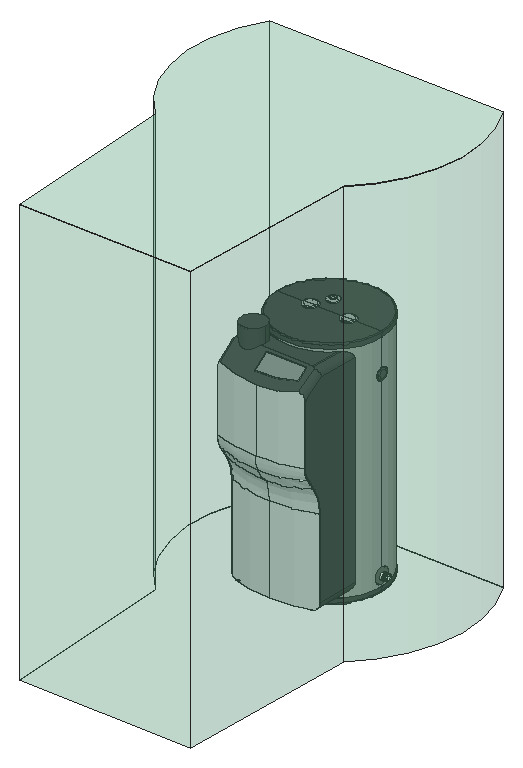
Revit family "Innovo  BENL_IR 20 200 BENL NAT", category Mechanical Equipment, Revit 2015
Parameters (values of type "IR-20-200 BENL NAT")
  Werkruimte Radius = Diameter + 170 mm  # 730 mm
  Werkruimte Hoogte = Hoogte + 1000 mm  # 2270 mm
  Werkruimte Afstand Voor = 1000 mm
  Werkruimte [instance] = yes
  Voorzorgsmaatregelen tijdens montage, installatie of onderhoud = "zie Gebruikers, Installatie, Service en Onderhouds handleiding"  # constant formula
  Voltage = 230 V  # constant formula
  Verpakkingslengte = 946 mm  # constant formula
  Verpakkingshoogte = 1465 mm
  Verpakkingsbreedte = 786 mm  # constant formula
  Uitsluitend werkend in daluren = no
  Uitschakeldruk LDS < = "115"
  Type aanduiding = "IR-20-160"
  Transportgewicht = 114 kg
  Totaal Gewicht = 274 kg
  Stilstandsverlies - dagelijks (24u) = 0 W
  Stilstandsverlies = 0 W
  Standaard Afgesteld op = "G20/G25"
  Stand Regelthermostaat = 65 °C  # constant formula
  Soort Verpakking = "Karton en Hout"  # constant formula
  Slimme controlefunctie = no
  Setpoint thermostaat = 65 °C  # constant formula
  Seizoens Rendement (Hs) = [Rendement (Hs, vlgs. NEN-EN 89 - 1999)]  # 95
  Rendement (Hs, vlgs. NEN-EN 89 - 1999) = 95
  Rendement (Hi, vlgs. NEN-EN 89 - 1999) = 106
  Produktspecificaties Link = ""
  Produkthandleiding Link = ""
  Produkt Model Nummer (EAN-nummer) = "8717449286019"
  Onderhoudsinterval = "12 maanden"  # constant formula
  Nominale Belasting (Onderwaarde) = "18000.0/14900.0"
  Nominale Belasting (Bovenwaarde) = "20000.0/16600.0"
  Nominaal Vermogen = "19100.0/15800.0"
  NOx-uitstoot mg/kWh = "30.0/29.0"
  NOx-uitstoot (lucht vrij, 0% O2) ppm = "19.0/18.0"
  Min. Stand Regelthermostaat = 40 °C  # constant formula
  Max. Werkdruk = 800000.0 Pa
  Max. Stand Regelthermostaat = 85 °C  # constant formula
  Max. Rookgastemperatuur = 61 °C
  Ledig Gewicht = 95 kg
  Kraan Hoogte 02 = if(and(Hoogte = 1745 mm, Diameter = 675 mm), 1518 mm, if(and(Hoogte = 1745 mm, Diameter = 610 mm), 1534 mm, if(Hoogte = 1545 mm, 1328 mm, 1070 mm)))  # 1070 mm
  Kraan Hoogte 01 = if(and(Diameter > 560 mm), 693 mm, 604 mm)  # 604 mm
  URL = "www.aosmith.be"
  Tapcapaciteit bij ΔT = 70°C  na 90 min. = 410.0 L
  Tapcapaciteit bij ΔT = 70°C  na 60 min. = 290.0 L
  Tapcapaciteit bij ΔT = 70°C  na 30 min. = 170.0 L
  Tapcapaciteit bij ΔT = 70°C  na 120 min. = 520.0 L
  Tapcapaciteit bij ΔT = 55°C  na 90 min. = 540.0 L
  Tapcapaciteit bij ΔT = 55°C  na 60 min. = 390.0 L
  Tapcapaciteit bij ΔT = 55°C  na 30 min. = 240.0 L
  Tapcapaciteit bij ΔT = 55°C  na 120 min. = 700.0 L
  Tapcapaciteit bij ΔT = 50°C  na 90 min. = 600.0 L
  Tapcapaciteit bij ΔT = 50°C  na 60 min. = 440.0 L
  Tapcapaciteit bij ΔT = 50°C  na 30 min. = 270.0 L
  Tapcapaciteit bij ΔT = 50°C na 120 min. = 770.0 L
  Tapcapaciteit bij ΔT = 44°C na 120 min. = 690.0 L
  Tapcapaciteit bij ΔT = 44°C  na 90 min. = 510.0 L
  Tapcapaciteit bij ΔT = 44°C  na 60 min. = 320.0 L
  Tapcapaciteit bij ΔT = 44°C  na 30 min. = 880.0 L
  Tapcapaciteit bij ΔT = 28°C na 90 min. = 1200.0 L
  Tapcapaciteit bij ΔT = 28°C na 60 min. = 820.0 L
  Tapcapaciteit bij ΔT = 28°C na 30 min. = 530.0 L
  Tapcapaciteit bij ΔT = 28°C na 120 min. = 1500.0 L
  Tapcapaciteit Continu bij ΔT = 70°C = 240.0 L/s
  Tapcapaciteit Continu bij ΔT = 55°C = 300.0 L/s
  Tapcapaciteit Continu bij ΔT = 50°C = 330.0 L/s
  Tapcapaciteit Continu bij ΔT = 44°C = 380.0 L/s
  Tapcapaciteit Continu bij ΔT = 28°C = 590.0 L/s
  Opwarmtijd bij ΔT = 70°C = "27"
  Opwarmtijd bij ΔT = 55°C = "21"
  Opwarmtijd bij ΔT = 50°C = "19"
  Opwarmtijd bij ΔT = 44°C = "17"
  Opwarmtijd bij ΔT = 28°C = "11"
  Model = "IR-20-160 BENL NAT"
  Manufacturer = "A.O. Smith Water Products Company b.v."  # constant formula
  Length = 780 mm  # constant formula
  Jaarlijks elektriciteitsverbruik (2) = "-"
  Jaarlijks elektriciteitsverbruik (1) = "37 kWh"
  Jaarlijks brandstofverbruik (2) = "-"
  Jaarlijks brandstofverbruik (1) = "16 GJ GCV"
  Isolatiedikte = 50 mm
  Installatie Typen = "B23/C13/C33/C43/C53/C63"  # constant formula
  Inhoud = 160.0 L
  Hoogte Warm Water Uitlaat = 1270 mm
  Hoogte Rookgasafvoer = 1295 mm
  Hoogte Lucht Inlaat = 1295 mm
  Hoogte Koud Water Inlaat = 170 mm
  Hoogte Gas Aansluiting = 860 mm
  Hoogte = 1270 mm
  Handelsmerk = "A.O. Smith"  # constant formula
  Geluidsniveau dB (A) = "<45"  # constant formula
  Geluidsniveau binnen = "52 dB"
  Gasverbruik - Volume ltr/hr = "1.90/1.80"
  Gasverbruik - Massa kg/h = "n.v.t."
  Gascategorie = "I2E(S)B"  # constant formula
  Gas Voordruk = "2000/2500 Pa"
  Gas Aansluiting = 15"  # constant formula
  Garrantie op Tank = "36 maanden"  # constant formula
  Garrantie op Onderdelen = "12 maanden"  # constant formula
  Frequentie = 50 Hz  # constant formula
  Fase = 1
  Fabrikantnummer = "E 7110"  # constant formula
  Energie-efficiëntieklasse voor waterverwarming (2) = "-"
  Energie-efficiëntieklasse voor waterverwarming (1) = "A"  # constant formula
  Energie-efficiëntie voor waterverwarming (2) = "-"
  Energie-efficiëntie voor waterverwarming (1) = "92%"
  Elektrisch Vermogen (piek) = 85 W
  Elektrisch Vermogen (nominaal) = 36 W
  Diameter Schoorsteen - parallel systeem = "2x80"  # constant formula
  Diameter Schoorsteen - concentrisch systeem = "80/125 mm/mm"  # constant formula
  Diameter Schoorsteen - boiler = "80/125 mm/mm"  # constant formula
  Diameter = 560 mm
  Description = "Condenserende Hoog Rendementsboiler"  # constant formula
  Created By = "http://www.cadcompany.nl/"
  Capaciteitsprofiel = "XL"
  CO2-uitstoot (tol. +/- 1.0) vol% = "9.3/7.5"
  CE-PIN = "0063CQ3037"  # constant formula
  Breedte = Diameter  # 560 mm
  Bestemming / Land = "BelgIë"  # constant formula
  BIM Content Developer = "CAD & Company"  # constant formula
  Assembly Code = "D3010"
  Ander capaciteitsprofiel = "-"
  Aansluiting Warm Water = 3/4"
  Aansluiting T&P = 3/4"
  Aansluiting Koud Water = 3/4"  # constant formula
  Aansluiting Condensafvoer = 40 mm  # constant formula
  Aansluiting Aftapkraan = 3/4"  # constant formula
  2e Onderhoud (algeheel onderhoud) = "12 maanden na installatie"  # constant formula
  1e Onderhoud (check-up) = "3 maanden na installatie"  # constant formula
Reference planes
  plane 1 "Center (Front/Back)": y = 0
  plane 2: z = 0
  plane 3 "Center (Left/Right)": x = 0
  plane 4 "Pipe": through (-383.901, 912.349, 194.799) normal (-0.0879, -0.0879, 0.9923)
  plane 5 "footing": y = 118.925
  plane 6 "footing front": y = -237.85
  plane 7: x = -280
  plane 8: x = 280
  plane 9: z = 1270
Forms (mm)
  Revolve 1, solid, material "RAL 9005", detail levels medium+fine
    sketch origin (0, -237.85, 0) x (-1, 0, 0) y (0, 0, 1)
      loop
        line (0, 28.9) -> (-15, 28.9) -> (-15, 26.4) -> (-8.671, 26.4) -> (-8.671, 18) -> (-5.686, 18) -> (-6.626, 17.06) -> (-6.626, 12.06) -> (-8.671, 12.06) -> (-8.671, 10) -> (-10.031, 10) -> (-23.271, 5.181)
        arc (-23.271, 5.181) -> (-23.763, 4.836) -> (-24.017, 4.293) r 1.159
        line (-24.017, 4.293) -> (-24.017, 1.03)
        arc (-24.017, 1.03) -> (-23.715, 0.302) -> (-22.986, 0) r 1.03
        line (-22.986, 0) -> (0, 0) -> (0, 28.9)
      axis (0, 28.9) -> (0, 0)
    angle from 0 to 360
  Revolve 2, solid, material "RAL 9005", detail levels medium+fine
    sketch origin (0, 118.925, 0) x (-1, 0, 0) y (0, 0, 1)
      loop
        line (-180.984, 28.9) -> (-195.984, 28.9) -> (-195.984, 26.4) -> (-189.655, 26.4) -> (-189.655, 18) -> (-186.67, 18) -> (-187.61, 17.06) -> (-187.61, 12.06) -> (-189.655, 12.06) -> (-189.655, 10) -> (-191.015, 10) -> (-204.256, 5.181)
        arc (-204.256, 5.181) -> (-204.747, 4.836) -> (-205.001, 4.293) r 1.159
        line (-205.001, 4.293) -> (-205.001, 1.03)
        arc (-205.001, 1.03) -> (-204.699, 0.302) -> (-203.971, 0) r 1.03
        line (-203.971, 0) -> (-180.984, 0) -> (-180.984, 28.9)
      axis (-180.984, 28.9) -> (-180.984, 0)
    angle from 0 to 360
  Revolve 3, solid, material "RAL 9005", detail levels medium+fine
    sketch origin (0, 118.925, 0) x (-1, 0, 0) y (0, 0, 1)
      loop
        line (179.016, 28.9) -> (164.016, 28.9) -> (164.016, 26.4) -> (170.345, 26.4) -> (170.345, 18) -> (173.33, 18) -> (172.39, 17.06) -> (172.39, 12.06) -> (170.345, 12.06) -> (170.345, 10) -> (168.985, 10) -> (155.744, 5.181)
        arc (155.744, 5.181) -> (155.253, 4.836) -> (154.999, 4.293) r 1.159
        line (154.999, 4.293) -> (154.999, 1.03)
        arc (154.999, 1.03) -> (155.301, 0.302) -> (156.029, 0) r 1.03
        line (156.029, 0) -> (179.016, 0) -> (179.016, 28.9)
      axis (179.016, 28.9) -> (179.016, 0)
    angle from 0 to 360
Lines and regions (mm)
  symbolic lines
    curve 1: line (0, 280.06, 0) -> (0, -280.06, 0)
    curve 2: line (-255.06, 0, 0) -> (255.06, 0, 0)
  symbolic lines, style "Workspace"
    curve 3: line (623.261, 380.06, 0) -> (-623.261, 380.06, 0)
    curve 4: arc (-623.261, 380.06, 0) -> (-726.942, -66.745, 0) -> (-543.632, -487.2, 0) r 730
    curve 5: line (-543.632, -487.2, 0) -> (-396.783, -1492.825, 0)
    curve 6: line (-396.783, -1492.825, 0) -> (399.03, -1492.825, 0)
    curve 7: line (399.03, -1492.825, 0) -> (545.76, -484.816, 0)
    curve 8: arc (545.76, -484.816, 0) -> (727.087, -65.154, 0) -> (623.261, 380.06, 0) r 730
Dimensions and locks
  plane 5 "footing" to plane 1 "Center (Front/Back)" = 118.925 mm
  plane 1 "Center (Front/Back)" to plane 6 "footing front" = 237.85 mm
  "Diameter": plane 7 to plane 8
  equal spacing: plane 7, plane 3 "Center (Left/Right)", plane 8
  "Hoogte": plane 9 to plane 2
  "Werkruimte Afstand Voor": curve 6 to nested 3
  "Werkruimte Radius": radius of curve 4
  "Werkruimte Radius": radius of curve 8
  aligned and locked: level to plane 2
  aligned and locked: nested 3 to Revolve 1 sketch curve
  aligned and locked: plane 3 "Center (Left/Right)" to Revolve 1 sketch curve
  aligned and locked: nested 3 to plane 1 "Center (Front/Back)"
  aligned and locked: plane 3 "Center (Left/Right)" to nested 3
  aligned and locked: nested 1 to plane 8
  aligned and locked: nested 5 to plane 8
  aligned and locked: nested 2 to plane 7
  aligned and locked: nested 4 to plane 7
  aligned and locked: nested 7 to plane 7
  aligned and locked: nested 8 to plane 3 "Center (Left/Right)"
  aligned and locked: nested 8 to nested 3
  aligned and locked: curve 3 to nested 8
Automatic sketch dimensions
  Revolve 1 sketch curve to level = 0 mm
  plane 3 "Center (Left/Right)" to Revolve 1 sketch curve = 5.686 mm
  Revolve 1 sketch curve to Revolve 1 sketch curve = 0.94 mm  (x2)
  Revolve 1 sketch curve to Revolve 1 sketch curve = 2.046 mm  (x2)
  Revolve 1 sketch curve to Revolve 1 sketch curve = 1.359 mm
  Revolve 1 sketch curve to Revolve 1 sketch curve = 6.329 mm
  level to Revolve 1 sketch curve = 4.091 mm
  Revolve 1 sketch curve to Revolve 1 sketch curve = 12.844 mm
  level to Revolve 1 sketch curve = 1.03 mm
  Revolve 1 sketch curve to Revolve 1 sketch curve = 0.111 mm
  level to Revolve 1 sketch curve = 5.181 mm
  Revolve 1 sketch curve to Revolve 1 sketch curve = 0.745 mm
  level to Revolve 1 sketch curve = 10 mm
  Revolve 1 sketch curve to Revolve 1 sketch curve = 2.06 mm
  Revolve 1 sketch curve to Revolve 1 sketch curve = 5 mm
  Revolve 1 sketch curve to Revolve 1 sketch curve = 8.4 mm
  Revolve 1 sketch curve to Revolve 1 sketch curve = 2.5 mm
  Revolve 1 sketch curve to level = 19.635 mm
  Revolve 1 sketch curve to Revolve 1 sketch curve = 46.465 mm
  Revolve 2 sketch curve to level = 0 mm
  level to Revolve 2 sketch curve = 1.03 mm
  Revolve 2 sketch curve to plane 8 = 74.999 mm
  level to Revolve 2 sketch curve = 5.181 mm
  Revolve 2 sketch curve to Revolve 2 sketch curve = 0.745 mm
  Revolve 2 sketch curve to Revolve 2 sketch curve = 0.397 mm
  Revolve 2 sketch curve to Revolve 2 sketch curve = 8.271 mm
  Revolve 2 sketch curve to Revolve 2 sketch curve = 13.241 mm
  Revolve 2 sketch curve to Revolve 2 sketch curve = 1.359 mm
  Revolve 2 sketch curve to Revolve 2 sketch curve = 6.329 mm
  Revolve 2 sketch curve to Revolve 2 sketch curve = 2.046 mm
  level to Revolve 2 sketch curve = 18 mm
  Revolve 2 sketch curve to Revolve 2 sketch curve = 0.94 mm  (x2)
  Revolve 2 sketch curve to Revolve 2 sketch curve = 8.671 mm
  Revolve 2 sketch curve to Revolve 2 sketch curve = 1.089 mm
  Revolve 2 sketch curve to Revolve 2 sketch curve = 8 mm
  Revolve 2 sketch curve to Revolve 2 sketch curve = 2.06 mm
  Revolve 2 sketch curve to Revolve 2 sketch curve = 8.4 mm
  Revolve 2 sketch curve to Revolve 2 sketch curve = 2.5 mm
  Revolve 2 sketch curve to Revolve 2 sketch curve = 0 mm
  Revolve 2 sketch curve to level = 19.635 mm
  Revolve 2 sketch curve to Revolve 2 sketch curve = 46.465 mm
  Revolve 3 sketch curve to level = 0 mm
  level to Revolve 3 sketch curve = 1.03 mm
  Revolve 3 sketch curve to plane 7 = 125.001 mm
  level to Revolve 3 sketch curve = 5.181 mm
  Revolve 3 sketch curve to Revolve 3 sketch curve = 0.745 mm
  Revolve 3 sketch curve to Revolve 3 sketch curve = 0.397 mm
  Revolve 3 sketch curve to Revolve 3 sketch curve = 8.271 mm
  Revolve 3 sketch curve to Revolve 3 sketch curve = 13.241 mm
  Revolve 3 sketch curve to Revolve 3 sketch curve = 1.359 mm
  Revolve 3 sketch curve to Revolve 3 sketch curve = 6.329 mm
  Revolve 3 sketch curve to Revolve 3 sketch curve = 2.046 mm
  level to Revolve 3 sketch curve = 18 mm
  Revolve 3 sketch curve to Revolve 3 sketch curve = 0.94 mm  (x2)
  Revolve 3 sketch curve to Revolve 3 sketch curve = 8.671 mm
  Revolve 3 sketch curve to Revolve 3 sketch curve = 1.089 mm
  Revolve 3 sketch curve to Revolve 3 sketch curve = 8 mm
  Revolve 3 sketch curve to Revolve 3 sketch curve = 2.06 mm
  Revolve 3 sketch curve to Revolve 3 sketch curve = 8.4 mm
  Revolve 3 sketch curve to Revolve 3 sketch curve = 2.5 mm
  Revolve 3 sketch curve to Revolve 3 sketch curve = 0 mm
  Revolve 3 sketch curve to level = 19.635 mm
  Revolve 3 sketch curve to Revolve 3 sketch curve = 46.465 mm
  curve 4 to curve 8 = 0 mm  (x2)
  plane 1 "Center (Front/Back)" to curve 2 = 0 mm
  curve 1 to plane 3 "Center (Left/Right)" = 0 mm
  plane 1 "Center (Front/Back)" to curve 4 = 0 mm
  curve 4 to plane 3 "Center (Left/Right)" = 0 mm
  curve 5 to plane 6 "footing front" = 249.35 mm
  plane 7 to curve 5 = 116.783 mm
  plane 8 to curve 7 = 119.03 mm
  curve 7 to plane 6 "footing front" = 246.966 mm
  curve 2 to plane 7 = 24.94 mm
  curve 2 to plane 8 = 24.94 mm
  curve 1 to plane 6 "footing front" = 42.21 mm
  plane 5 "footing" to curve 1 = 161.135 mm
Nested families
  nested 1: "Valve" at (280, -0.38, 1070) x (0, 1, 0) z (0, 0, 1), built-in parameter 1001364 <- "Kraan Hoogte 02", type "Valve"
  nested 2: "Drain Valve" at (-280, 0, 1070), built-in parameter 1001364 <- "Kraan Hoogte 02", type "Drain Valve"
  nested 3: "Housing Mother Housing S 57 (external)" at (0, -274.886, 0), type "Housing Mother_Housing S_57"
  nested 4: "Drain Valve" at (-280, 0, 177), type "Drain Valve"
  nested 5: "Drain Valve" at (280, 0, 107) x (-1, 0, 0) z (0, 0, 1), type "Drain Valve"
  nested 6: "Boiler" at (0, 0, 0), height <- "Hoogte", type "Boiler"
    with height 1270 mm
  nested 7: "Drain Valve" at (-280, 0, 604), built-in parameter 1001364 <- "Kraan Hoogte 01", type "Drain Valve"
  nested 8: "Innovo_workspace" at (0, 0, 0), Workspace <- "Werkruimte", Workspace Distance Front <- "Werkruimte Afstand Voor", Workspace Height <- "Werkruimte Hoogte", Workspace Radius <- "Werkruimte Radius", type "Workspace"
    with Workspace Radius 730 mm, Workspace Height 2270 mm, Workspace Distance Front 1000 mm, Workspace yes, Center to Front 492.825 mm
Connectors
  piping at (314.826, 0, 107), diameter 19.05, driven by "Aansluiting Aftapkraan"
    settings: on nested 5, index 1, connector inside diameter 24", connector length 0 mm, flow factor 0, pipe flow 0.0 L/s, pressure drop 0.0 Pa, fitting loss kfactor 0, connector angle 0.00°, fixture units 0, engagement length 0 mm, angle of deflection 0.00°, flow configuration 0, flow direction 0, fitting loss method 0, system type 19, joint type 0, gender type 0, connector reference index -1, connector utility 0, adjustable connector no, is connector primary yes, connector description ""
  hvac at (-147.013, -321.326, 1310.674)
    settings: on nested 3, index 2, duct flow 0.0 L/s, flow factor 0, pres drop 0.0 Pa, loss coef 0, conn angle 0.00°, conn width 304.8 mm, conn height 304.8 mm, conn diameter 125 mm, duct sys type 4, conn prof type 0, flow config 0, flow direction 0, loss method 0, conn ref index -1, conn util no, is conn primary yes, conn desc ""
Definition of nested family "Valve"
  Parameters (values of type "Valve")
    Type Comments = "T&P valve (internal)"
    Manufacturer = "A.O. Smith"
  Reference planes
    plane 1 "Center (Front/Back)": y = 0
    plane 2: z = 0
    plane 3 "Center (Left/Right)": x = 0
  Forms (mm)
    Extrusion 1, solid, detail levels fine
      sketch origin (0, 0, 0) x (1, 0, 0) y (0, 0, 1)
        loop
          circle (0, 0) r 31.5
      from -2.271 to 1.4
    Sweep 2, solid, detail levels fine
      path origin (0, -1.4, 0) x (1, 0, 0) y (0, 0, 1)
        loop
          circle (0, 0) r 31.5
      profile origin (0, -1.4, 31.5) x (0, 0, -1) y (0, -1, 0)
        loop
          line (7.3, 0) -> (7.3, 3) -> (0, 0) -> (7.3, 0)
  Dimensions and locks
    aligned and locked: level to plane 2
Definition of nested family "Drain Valve"
  Reference planes
    plane 1 "Center (Front/Back)": y = 0
    plane 2: z = 0
    plane 3 "Center (Left/Right)": x = 0
  Forms (mm)
    Revolve 1, solid, detail levels medium+fine
      sketch origin (0, 0, 0) x (1, 0, 0) y (0, 0, 1)
        loop
          line (-33.442, 15.696) -> (-34.826, 14.329) -> (-34.93, 12.731) -> (-16.555, 12.731) -> (-16.555, 0) -> (15.787, 0) -> (15.787, 18.3) -> (-14.4, 18.3) -> (-17.148, 15.533) -> (-18.729, 16.697) -> (-20.091, 15.333) -> (-21.672, 16.496) -> (-23.034, 15.133) -> (-24.614, 16.296) -> (-25.976, 14.932) -> (-27.557, 16.096) -> (-28.919, 14.732) -> (-30.5, 15.896) -> (-31.862, 14.532) -> (-33.442, 15.696)
        axis (-34.93, 0) -> (15.787, 0)
      angle from 0 to 360
  Dimensions and locks
    aligned and locked: level to plane 2
  Nested families
    nested 1: "Rubber sealing" at (2.592, -0.155, 0) x (0.0023, -1, 0) z (0, 0, 1), type "Rubber sealing", detail levels fine
  Definition of nested family "Rubber sealing"
    Reference planes
      plane 1 "Center (Front/Back)": y = 0
      plane 2: z = 0
      plane 3 "Center (Left/Right)": x = 0
    Forms (mm)
      Extrusion 1, solid, detail levels fine
        sketch origin (141.861, 319.581, 0) x (1, 0, 0) y (0, 1, 0)
          loop
            line (-216.354, -311.898) -> (-216.354, -313.94)
            arc (-216.354, -313.94) -> (-141.602, -321.581) -> (-66.861, -313.835) r 366.966
            line (-66.861, -313.835) -> (-66.861, -311.791)
            arc (-66.861, -311.791) -> (-141.602, -319.581) -> (-216.354, -311.898) r 364.966
        from -80 to 80
      Extrusion 2, void
        sketch origin (141.861, 319.581, 0) x (1, 0, 0) y (0, 0, 1)
          loop
            circle (-141.861, 0) r 13
          loop
            circle (-141.861, 0) r 110
          loop
            circle (-141.861, 0) r 40
        from 311.563 to 332.684
      Extrusion 3, void
        sketch origin (141.861, 319.581, 0) x (1, 0, 0) y (0, 0, 1)
          loop
            circle (-141.861, 0) r 18.25
        from 315.524 to 326.084
    Cuts and joins
      Extrusion 2, Extrusion 3 cuts Extrusion 1
    Dimensions and locks
      aligned and locked: level to plane 2
Definition of nested family "Housing Mother Housing S 57 (external)"
  Parameters (values of type "Housing Mother_Housing S_57")
    radius [instance] = 280 mm
    distance to boiler center = if(diameter = 675 mm, 189 mm, if(diameter = 610 mm, 154 mm, 129 mm))  # 129 mm
    diameter = 560 mm
  Reference planes
    plane 1 "Center (Front/Back)": y = 0
    plane 2: z = 0
    plane 3 "Center (Left/Right)": x = 0
    plane 4 "left": through (-245.286, 145.886, 1200) normal (0.9994, 0.0349, 0)
    plane 5: y = -217.939
    plane 6: y = 145.886
    plane 7: z = 1232.6
    plane 8: z = 65.89
    plane 9 "right": through (245.286, 145.886, 1200) normal (0.9994, -0.0349, 0)
    plane 10 "display": through (0, -90.37, 1221.196) normal (0, -0.5736, 0.8192)
    plane 11 "Potentiostat": z = 867.899
    plane 12 "boiler center": y = 274.886
    plane 13: x = -280
    plane 14: x = 280
  Forms (mm)
    Extrusion 1, solid
      sketch origin (0, 0, 0) x (1, 0, 0) y (0, 1, 0)
        loop
          line (-245.286, 145.886) -> (-232.581, -217.939) -> (232.581, -217.939) -> (245.286, 145.886)
          arc (245.286, 145.886) -> (0, 0.923) -> (-245.286, 145.886) r 280
      from 0 to 1232.6
    Sweep 2, void
      path origin (0, 0, 0) x (0, 1, 0) y (0, 0, 1)
        loop
          line (-217.939, 1232.6) -> (-217.939, 795.555)
          arc (-217.939, 795.555) -> (-212.387, 754.285) -> (-197.694, 715.322) r 183.924
          arc (-197.694, 715.322) -> (-179.915, 684.628) -> (-159.106, 655.901) r 348.284
          arc (-159.106, 655.901) -> (-131.411, 600.328) -> (-121.88, 538.973) r 202.254
          line (-121.88, 538.973) -> (-121.88, 61.106)
      profile origin (0, -217.939, 1014.077) x (1, 0, 0) y (0, 1, 0)
        loop
          arc (0, 0) -> (-117.533, 9.941) -> (-231.728, 39.475) r 699.984
          arc (-231.728, 39.475) -> (-233.391, 40.705) -> (-234.07, 42.659) r 3.505
          line (-234.07, 42.659) -> (-254.062, 42.659) -> (-254.062, -142.593) -> (254.07, -142.593) -> (254.07, 42.659) -> (234.07, 42.659)
          arc (234.07, 42.659) -> (233.391, 40.705) -> (231.728, 39.475) r 3.505
          arc (231.728, 39.475) -> (117.533, 9.941) -> (0, 0) r 699.984
    Extrusion 3, void
      sketch origin (0, 0, 0) x (0, 1, 0) y (0, 0, 1)
        loop
          arc (102.864, 70.869) -> (99.804, 70.709) -> (96.874, 69.813) r 12.57
          arc (96.874, 69.813) -> (87.878, 66.533) -> (78.516, 64.529) r 69.114
          arc (78.516, 64.529) -> (76.41, 64.284) -> (74.294, 64.148) r 41.206
          arc (74.294, 64.148) -> (65.203, 64.335) -> (56.122, 64.782) r 318.661
          arc (56.122, 64.782) -> (30.585, 66.179) -> (5.028, 67.128) r 1456.581
          line (5.028, 67.128) -> (-84.534, 73.135)
          arc (-84.534, 73.135) -> (-86.363, 73.808) -> (-87.536, 75.365) r 3.455
          line (-87.536, 75.365) -> (-264.473, 75.365) -> (-264.473, 0) -> (160.886, 0) -> (160.886, 103.945) -> (145.886, 103.945)
          arc (145.886, 103.945) -> (145.104, 97.827) -> (142.923, 92.059) r 26.364
          arc (142.923, 92.059) -> (141.067, 88.936) -> (138.867, 86.045) r 31.715
          arc (138.867, 86.045) -> (135.576, 82.49) -> (132.021, 79.2) r 62.615
          arc (132.021, 79.2) -> (125.841, 74.697) -> (119.091, 71.103) r 54.444
          arc (119.091, 71.103) -> (116.371, 70.272) -> (113.531, 70.123) r 11.669
          line (113.531, 70.123) -> (102.864, 70.869)
      from -254.062 to 254.07
    Sweep 4, void
      path origin (0, 0, 0) x (1, 0, 0) y (0, 1, 0)
        loop
          line (-245.286, 145.886) -> (-232.581, -217.939)
      profile origin (-238.933, -36.027, 0) x (0.999391, 0.034899, 0) y (0, 0, 1)
        loop
          line (-4.454, 0) -> (47.084, 0) -> (47.084, 73.431)
          arc (47.084, 73.431) -> (14.222, 85.134) -> (0.255, 117.1) r 43.922
          line (0.255, 117.1) -> (-4.454, 117.1) -> (-4.454, 0)
    Sweep 5, void
      path origin (0, 0, 0) x (-1, 0, 0) y (0, 1, 0)
        loop
          line (-245.286, 145.886) -> (-232.581, -217.939)
      profile origin (238.933, -36.027, 0) x (0.999391, -0.034899, 0) y (0, 0, 1)
        loop
          line (4.454, 0) -> (4.454, 117.1) -> (-0.255, 117.1)
          arc (-0.255, 117.1) -> (-14.222, 85.134) -> (-47.084, 73.431) r 43.922
          line (-47.084, 73.431) -> (-47.084, 0) -> (4.454, 0)
    Sweep 6, void
      path origin (-239.899, -8.377, 0) x (-0.034899, 0.999391, 0) y (0, 0, 1)
        loop
          line (-209.69, 1141.272) -> (-79.18, 1232.6) -> (154.358, 1232.6)
      profile origin (-241.211, 29.188, 1232.6) x (0, 0, 1) y (0.999391, 0.034899, 0)
        loop
          line (-45, -30) -> (75, -30) -> (75, 0) -> (75, 55) -> (2.799, 55) -> (-1.253, 35.128)
          arc (-1.253, 35.128) -> (-16.771, 9.564) -> (-45, -0.308) r 44.287
          line (-45, -0.308) -> (-45, -30)
    Sweep 7, void
      path origin (239.899, -8.377, 0) x (0.034899, 0.999391, 0) y (0, 0, 1)
        loop
          line (-209.69, 1141.272) -> (-79.18, 1232.6) -> (154.358, 1232.6)
      profile origin (241.211, 29.188, 1232.6) x (0, 0, -1) y (-0.999391, 0.034899, 0)
        loop
          line (-75, -25) -> (45, -25) -> (45, -0.308)
          arc (45, -0.308) -> (16.771, 9.564) -> (1.253, 35.128) r 44.287
          line (1.253, 35.128) -> (-2.799, 55) -> (-75, 55) -> (-75, -25)
    Extrusion 8, void
      sketch origin (0, 0, 0) x (0, 1, 0) y (0, 0, 1)
        loop
          line (-270, 1336.099) -> (-270, 1099.081) -> (68.497, 1336.099) -> (-270, 1336.099)
      from -425.038 to 444.42
    Extrusion 9, solid, detail levels medium+fine
      sketch origin (0, 0, 0) x (1, 0, 0) y (0, 1, 0)
        loop
          circle (-147.013, -46.44) r 65
      from 1163.174 to 1310.674
    Extrusion 10, void
      sketch origin (0, -603.506, 861.895) x (0, 0.819152, 0.573576) y (-1, 0, 0)
        loop
          arc (618.322, -173) -> (623.272, -170.95) -> (625.322, -166) r 7
          line (625.322, -166) -> (625.322, 35)
          arc (625.322, 35) -> (623.272, 39.95) -> (618.322, 42) r 7
          line (618.322, 42) -> (535.473, 42)
          arc (535.473, 42) -> (530.688, 40.11) -> (528.488, 35.46) r 7
          arc (528.488, 35.46) -> (531.569, -67.592) -> (554.18, -168.18) r 540
          arc (554.18, -168.18) -> (556.724, -171.668) -> (560.831, -173) r 7
          line (560.831, -173) -> (618.322, -173)
      from 0 to 137.286
    Sweep 11, solid, detail levels fine
      path origin (0, 0, 867.899) x (-1, 0, 0) y (0, -1, 0)
        loop
          line (309.749, -35.617) -> (204.371, -35.617)
          arc (204.371, -35.617) -> (196.509, -34.687) -> (189.082, -31.947) r 33.677
          line (189.082, -31.947) -> (-9.574, 69.274)
      profile origin (-257.06, 35.617, 867.899) x (0, 1, 0) y (0, 0, 1)
        loop
          circle (0, 0) r 7.316
        loop
          circle (0, 0) r 6.465
    Revolve 12, void
      sketch origin (0, 274.886, 0) x (-1, 0, 0) y (0, 0, 1)
        loop
          line (280, 1243.838) -> (0, 1243.838) -> (0, 54.9) -> (280, 54.9) -> (280, 1243.838)
        axis (0, 1243.838) -> (0, 54.9)
      angle from 0 to 360
  Cuts and joins
    Sweep 2, Extrusion 3, Sweep 4, Sweep 5, Sweep 6, Sweep 7, Extrusion 8, Extrusion 10, Revolve 12 cuts Extrusion 1
  Dimensions and locks
    plane 8 to plane 2 = 65.89 mm
    plane 7 to plane 8 = 1166.71 mm
    "distance to boiler center": plane 12 "boiler center" to plane 6
    "diameter": plane 14 to plane 13
    equal spacing: plane 14, plane 3 "Center (Left/Right)", plane 13
    "radius": plane 3 "Center (Left/Right)" to plane 13
    aligned and locked: level to plane 2
    aligned and locked: Extrusion 1 to plane 7
    aligned and locked: Extrusion 1 sketch curve to plane 5
    aligned and locked: Sweep 2 to Extrusion 3
    aligned and locked: Extrusion 3 to Sweep 2  (x2)
    aligned and locked: plane 7 to Sweep 2 sketch curve
    aligned and locked: plane 3 "Center (Left/Right)" to Revolve 12 sketch curve
    aligned and locked: Revolve 12 sketch curve to plane 3 "Center (Left/Right)"
    aligned and locked: plane 13 to Revolve 12 sketch curve
  Automatic sketch dimensions
    Extrusion 1 sketch curve to plane 4 "left" = 0 mm  (x2)
    Extrusion 1 sketch curve to plane 6 = 0 mm  (x2)
    Extrusion 1 sketch curve to plane 3 "Center (Left/Right)" = 0 mm
    Extrusion 1 sketch curve to plane 9 "right" = 0 mm
    plane 6 to Extrusion 1 sketch curve = 135.037 mm
    Sweep 2 sketch curve to plane 5 = 0 mm
    plane 5 to Sweep 2 sketch curve = 106.195 mm
    Sweep 2 sketch curve to plane 5 = 96.059 mm
    plane 1 "Center (Front/Back)" to Sweep 2 sketch curve = 34.053 mm
    plane 11 "Potentiostat" to Sweep 2 sketch curve = 6.417 mm
    Sweep 2 sketch curve to plane 6 = 33.705 mm
    Sweep 2 sketch curve to plane 11 "Potentiostat" = 68.615 mm
    Sweep 2 sketch curve to plane 11 "Potentiostat" = 72.345 mm
    Sweep 2 sketch curve to Sweep 2 sketch curve = 176.349 mm
    Sweep 2 sketch curve to Sweep 2 sketch curve = 0 mm  (x2)
    plane 8 to Sweep 2 sketch curve = 4.784 mm
    Extrusion 3 sketch curve to level = 0 mm
    Extrusion 3 sketch curve to plane 6 = 0 mm
    Extrusion 3 sketch curve to plane 6 = 26.363 mm
    Extrusion 3 sketch curve to Extrusion 3 sketch curve = 4.75 mm
    Extrusion 3 sketch curve to Extrusion 3 sketch curve = 5.179 mm
    Extrusion 3 sketch curve to plane 8 = 4.232 mm
    Extrusion 3 sketch curve to Extrusion 3 sketch curve = 0.814 mm
    Extrusion 3 sketch curve to plane 8 = 4.978 mm
    Extrusion 3 sketch curve to Extrusion 3 sketch curve = 10.667 mm
    Extrusion 3 sketch curve to Extrusion 3 sketch curve = 0.877 mm
    Extrusion 3 sketch curve to Extrusion 3 sketch curve = 17.827 mm
    Extrusion 3 sketch curve to Extrusion 3 sketch curve = 5.646 mm
    Extrusion 3 sketch curve to plane 6 = 69.562 mm
    Extrusion 3 sketch curve to Extrusion 3 sketch curve = 18.6 mm
    Extrusion 3 sketch curve to Extrusion 3 sketch curve = 22.538 mm
    Extrusion 3 sketch curve to plane 8 = 1.238 mm
    Extrusion 3 sketch curve to plane 1 "Center (Front/Back)" = 5.028 mm
    plane 1 "Center (Front/Back)" to Extrusion 3 sketch curve = 36.224 mm
    Extrusion 3 sketch curve to plane 8 = 10.692 mm
    plane 1 "Center (Front/Back)" to Extrusion 3 sketch curve = 84.302 mm
    Extrusion 3 sketch curve to plane 8 = 7.244 mm
    Extrusion 3 sketch curve to Extrusion 3 sketch curve = 0.231 mm
    Extrusion 3 sketch curve to Extrusion 3 sketch curve = 3.234 mm
    plane 5 to Extrusion 3 sketch curve = 46.534 mm
    plane 6 to Extrusion 3 sketch curve = 15 mm
    Extrusion 3 sketch curve to level = 1388.869 mm
    plane 8 to Extrusion 3 sketch curve = 7.561 mm
    Extrusion 3 sketch curve to Extrusion 3 sketch curve = 11.64 mm
    Extrusion 3 sketch curve to plane 8 = 38.054 mm
    Extrusion 3 sketch curve to Extrusion 3 sketch curve = 22.442 mm
    Extrusion 3 sketch curve to plane 8 = 39.432 mm
    Extrusion 3 sketch curve to Extrusion 3 sketch curve = 2.466 mm
    Extrusion 3 sketch curve to Extrusion 3 sketch curve = 14.17 mm
    Extrusion 3 sketch curve to Extrusion 3 sketch curve = 5.925 mm
    Extrusion 3 sketch curve to Extrusion 3 sketch curve = 6.186 mm
    Extrusion 3 sketch curve to Extrusion 3 sketch curve = 249.85 mm
    Extrusion 3 sketch curve to Extrusion 3 sketch curve = 0 mm  (x4)
    Extrusion 3 sketch curve to Extrusion 3 sketch curve = 6.845 mm
    plane 8 to Extrusion 3 sketch curve = 1.743 mm
    Sweep 4 sketch curve to plane 4 "left" = 0 mm  (x2)
    Sweep 4 sketch curve to plane 6 = 0 mm
    plane 5 to Sweep 4 sketch curve = 0 mm
    Sweep 4 sketch curve to level = 0 mm
    profile plane to Sweep 4 sketch curve = 4.454 mm
    Sweep 4 sketch curve to profile plane = 0.255 mm
    Sweep 4 sketch curve to Sweep 4 sketch curve = 43.922 mm
    Sweep 4 sketch curve to profile plane = 47.084 mm
    level to Sweep 4 sketch curve = 73.431 mm
    Sweep 4 sketch curve to Sweep 4 sketch curve = 43.669 mm
    Sweep 5 sketch curve to plane 6 = 0 mm
    Sweep 5 sketch curve to plane 9 "right" = 0 mm  (x2)
    plane 5 to Sweep 5 sketch curve = 0 mm
    Sweep 5 sketch curve to level = 0 mm
    profile plane to Sweep 5 sketch curve = 47.084 mm
    Sweep 5 sketch curve to Sweep 5 sketch curve = 2.907 mm
    profile plane to Sweep 5 sketch curve = 0.255 mm
    Sweep 5 sketch curve to profile plane = 4.454 mm
    level to Sweep 5 sketch curve = 73.431 mm
    Sweep 5 sketch curve to Sweep 5 sketch curve = 43.669 mm
    Sweep 6 sketch curve to plane 7 = 0 mm
    plane 7 to Sweep 6 sketch curve = 91.328 mm
    Sweep 6 sketch curve to Sweep 6 sketch curve = 130.509 mm
    Sweep 6 sketch curve to Sweep 6 sketch curve = 233.538 mm
    Sweep 6 sketch curve to plane 4 "left" = 0 mm
    profile plane to Sweep 6 sketch curve = 45 mm
    Sweep 6 sketch curve to Sweep 6 sketch curve = 0.354 mm
    profile plane to Sweep 6 sketch curve = 1.253 mm
    Sweep 6 sketch curve to profile plane = 2.799 mm
    Sweep 6 sketch curve to Sweep 6 sketch curve = 72.201 mm
    Sweep 6 sketch curve to plane 4 "left" = 0.308 mm
    Sweep 6 sketch curve to Sweep 6 sketch curve = 29.692 mm
    plane 4 "left" to Sweep 6 sketch curve = 35.128 mm
    plane 4 "left" to Sweep 6 sketch curve = 55 mm
    Sweep 7 sketch curve to plane 7 = 0 mm
    Sweep 7 sketch curve to plane 7 = 91.328 mm
    Sweep 7 sketch curve to Sweep 7 sketch curve = 130.509 mm
    Sweep 7 sketch curve to Sweep 7 sketch curve = 233.538 mm
    Sweep 7 sketch curve to plane 9 "right" = 25 mm
    profile plane to Sweep 7 sketch curve = 75 mm
    profile plane to Sweep 7 sketch curve = 2.799 mm
    Sweep 7 sketch curve to profile plane = 1.253 mm
    Sweep 7 sketch curve to Sweep 7 sketch curve = 43.393 mm
    Sweep 7 sketch curve to profile plane = 45 mm
    Sweep 7 sketch curve to plane 9 "right" = 0.308 mm
    plane 9 "right" to Sweep 7 sketch curve = 35.128 mm
    Sweep 7 sketch curve to Sweep 7 sketch curve = 19.872 mm
    plane 5 to Extrusion 8 sketch curve = 52.061 mm
    Extrusion 8 sketch curve to plane 1 "Center (Front/Back)" = 68.497 mm
    plane 7 to Extrusion 8 sketch curve = 133.519 mm
    Extrusion 8 sketch curve to plane 7 = 103.499 mm
    plane 1 "Center (Front/Back)" to Extrusion 9 sketch curve = 46.44 mm
    Extrusion 9 sketch curve to plane 3 "Center (Left/Right)" = 147.013 mm
    Extrusion 10 sketch curve to plane 3 "Center (Left/Right)" = 0 mm
    Extrusion 10 sketch curve to plane 3 "Center (Left/Right)" = 35 mm
    Extrusion 10 sketch curve to Extrusion 10 sketch curve = 25.359 mm
    Extrusion 10 sketch curve to Extrusion 10 sketch curve = 57.491 mm
    Extrusion 10 sketch curve to plane 3 "Center (Left/Right)" = 42 mm
    Extrusion 10 sketch curve to Extrusion 10 sketch curve = 82.85 mm
    Extrusion 10 sketch curve to Extrusion 10 sketch curve = 7 mm
    Extrusion 10 sketch curve to Extrusion 10 sketch curve = 442 mm
    plane 3 "Center (Left/Right)" to Extrusion 10 sketch curve = 166 mm
    Extrusion 10 sketch curve to Extrusion 10 sketch curve = 0 mm  (x2)
    Sweep 11 sketch curve to plane 1 "Center (Front/Back)" = 31.947 mm
    Sweep 11 sketch curve to plane 3 "Center (Left/Right)" = 189.082 mm
    Sweep 11 sketch curve to plane 1 "Center (Front/Back)" = 1.94 mm
    Sweep 11 sketch curve to Sweep 11 sketch curve = 15.289 mm
    plane 3 "Center (Left/Right)" to Sweep 11 sketch curve = 9.574 mm
    Sweep 11 sketch curve to Sweep 11 sketch curve = 105.378 mm
    plane 1 "Center (Front/Back)" to Sweep 11 sketch curve = 69.274 mm
    Sweep 11 sketch curve to Sweep 11 sketch curve = 0 mm  (x2)
    Sweep 11 sketch curve to plane 11 "Potentiostat" = 0 mm
    Sweep 11 sketch curve to profile plane = 0 mm
    plane 8 to Revolve 12 sketch curve = 10.99 mm
    Revolve 12 sketch curve to plane 7 = 11.238 mm
    Revolve 12 sketch curve to level = 366.045 mm
    Revolve 12 sketch curve to Revolve 12 sketch curve = 971.917 mm
    Sweep 2 sketch curve to plane 3 "Center (Left/Right)" = 0 mm
    profile plane to Sweep 2 sketch curve = 0 mm
    Sweep 2 sketch curve to plane 3 "Center (Left/Right)" = 0.016 mm
    Sweep 2 sketch curve to profile plane = 42.782 mm  (x2)
    Sweep 2 sketch curve to plane 3 "Center (Left/Right)" = 230.568 mm
    plane 3 "Center (Left/Right)" to Sweep 2 sketch curve = 0.016 mm
    plane 3 "Center (Left/Right)" to Sweep 2 sketch curve = 230.568 mm
    Sweep 2 sketch curve to Sweep 2 sketch curve = 3.502 mm  (x2)
    Sweep 2 sketch curve to Sweep 2 sketch curve = 20 mm
    profile plane to Sweep 2 sketch curve = 142.593 mm
    Sweep 2 sketch curve to Sweep 2 sketch curve = 0.122 mm  (x2)
    Sweep 2 sketch curve to Sweep 2 sketch curve = 657.203 mm
    Sweep 2 sketch curve to Sweep 2 sketch curve = 19.991 mm
    radius of Extrusion 9 sketch curve = 65 mm
    radius of Sweep 11 sketch curve = 7.316 mm
    radius of Sweep 11 sketch curve = 6.465 mm
  Nested families
    nested 1: "display" at (65.5, -130.939, 1192.79) x (-1, 0, 0) z (0, -0.5736, 0.8192), type "display"
  Definition of nested family "display"
    Parameters (values of type "display")
      Default Elevation = 1219.2 mm
    Reference planes
      plane 1 "Center (Front/Back)": y = 0
      plane 2: z = 0
      plane 3 "Center (Left/Right)": x = 0
    Forms (mm)
      Extrusion 1, solid, detail levels medium+fine
        sketch origin (-16.958, 11.842, -343.878) x (1, 0, 0) y (0, 0, -1)
          loop
            line (-233.523, -343.878) -> (-233.523, -346.592) -> (332.686, -346.592) -> (332.686, -343.878) -> (-233.523, -343.878)
        from -228.7 to 150.822
      Extrusion 2, void
        sketch origin (-16.958, 6.842, -343.878) x (1, 0, 0) y (0, 1, 0)
          loop
            line (-233.523, 155.822) -> (-233.523, -223.7) -> (332.686, -223.7) -> (332.686, 155.822) -> (-233.523, 155.822)
          loop
            arc (-90.542, -48.267) -> (-88.492, -53.216) -> (-83.542, -55.267) r 7
            line (-83.542, -55.267) -> (117.458, -55.267)
            arc (117.458, -55.267) -> (122.408, -53.216) -> (124.458, -48.267) r 7
            line (124.458, -48.267) -> (124.458, 34.583)
            arc (124.458, 34.583) -> (122.568, 39.368) -> (117.918, 41.568) r 7
            arc (117.918, 41.568) -> (14.866, 38.487) -> (-85.722, 15.876) r 540
            arc (-85.722, 15.876) -> (-89.21, 13.332) -> (-90.542, 9.224) r 7
            line (-90.542, 9.224) -> (-90.542, -48.267)
        from 328.878 to 363.083
    Cuts and joins
      Extrusion 2 cuts Extrusion 1
    Dimensions and locks
      aligned and locked: level to plane 2
Definition of nested family "Boiler"
  Parameters (values of type "Boiler")
    radius [instance] = 280 mm
    height [instance] = 1270 mm
    Diameter = 560 mm
  Reference planes
    plane 1 "Center (Front/Back)": y = 0
    plane 2: z = 0
    plane 3 "Center (Left/Right)": x = 0
    plane 4: z = 1243.838
    plane 5: z = 1270
    plane 6 "bottom": z = 28.9
    plane 7: z = 54.9
    plane 8 "top controle": y = 88
    plane 9: x = -280
    plane 10: x = 280
  Forms (mm)
    Revolve 1, solid
      sketch origin (0, 0, 0) x (1, 0, 0) y (0, 0, 1)
        loop
          line (0, 54.9) -> (-280, 54.9) -> (-280, 32.9)
          arc (-280, 32.9) -> (-278.828, 30.072) -> (-276, 28.9) r 4
          line (-276, 28.9) -> (0, 28.9) -> (0, 54.9)
        axis (0, 28.9) -> (0, 54.9)
      angle from 0 to 360
    Revolve 2, solid
      sketch origin (1.311, 0, 0) x (1, 0, 0) y (0, 0, 1)
        loop
          line (-278.86, 1243.838) -> (-278.86, 54.9) -> (-1.311, 54.9) -> (-1.311, 1243.838) -> (-278.86, 1243.838)
        axis (-1.311, 1243.838) -> (-1.311, 54.9)
      angle from 0 to 360
    Revolve 3, solid
      sketch origin (-9.205, 0, 377.212) x (-1, 0, 0) y (0, 0, 1)
        loop
          line (-148.904, 892.788) -> (-110.805, 892.788) -> (-110.805, 895.963) -> (-141.883, 895.963) -> (-148.904, 893.62) -> (-148.904, 892.788)
        axis (-110.805, 892.788) -> (-110.805, 895.963)
      angle from 0 to 360
    Revolve 4, solid
      sketch origin (0, 0, 718.065) x (1, 0, 0) y (0, 0, -1)
        loop
          line (0, -525.773) -> (-280, -525.773) -> (-280, -547.935)
          arc (-280, -547.935) -> (-278.828, -550.763) -> (-276, -551.935) r 4
          line (-276, -551.935) -> (0, -551.935) -> (0, -525.773)
        axis (0, -551.935) -> (0, -525.773)
      angle from 0 to 360
    Revolve 5, solid
      sketch origin (0, 88, 0) x (1, 0, 0) y (0, 0, 1)
        loop
          line (-19.051, 1270) -> (-19.051, 1271.074) -> (-32.63, 1275.604) -> (-32.63, 1271.117) -> (-37.266, 1271.117) -> (-38.383, 1270) -> (-19.051, 1270)
        axis (-50.8, 1270) -> (-50.8, 1275.604)
      angle from 0 to 360
    Revolve 6, solid
      sketch origin (-217.12, 0, 372.245) x (-1, 0, 0) y (0, 0, 1)
        loop
          line (-153.622, 897.755) -> (-115.52, 897.755) -> (-115.52, 900.93) -> (-146.626, 900.93) -> (-153.622, 898.596) -> (-153.622, 897.755)
        axis (-115.52, 897.755) -> (-115.52, 900.93)
      angle from 0 to 360
  Dimensions and locks
    "height": plane 5 to plane 2
    plane 6 "bottom" to plane 2 = 28.9 mm
    locked: plane 5 to plane 4 at 26.162
    locked: plane 1 "Center (Front/Back)" to plane 8 "top controle" at 88
    "Diameter": plane 10 to plane 9
    equal spacing: plane 10, plane 3 "Center (Left/Right)", plane 9
    "radius": plane 3 "Center (Left/Right)" to plane 9
    locked: plane 9 to Revolve 2 sketch curve at 2.452
    aligned and locked: level to plane 2
    aligned and locked: Revolve 2 sketch curve to plane 7
    aligned and locked: Revolve 2 sketch curve to plane 4
    aligned and locked: Revolve 1 sketch curve to plane 7
    aligned and locked: plane 6 "bottom" to Revolve 1 sketch curve
    aligned and locked: Revolve 4 sketch curve to plane 3 "Center (Left/Right)"
    aligned and locked: plane 5 to Revolve 4 sketch curve
    aligned and locked: Revolve 4 sketch curve to plane 4
    aligned and locked: plane 9 to Revolve 4 sketch curve
    aligned and locked: Revolve 1 sketch curve to plane 9
    aligned and locked: Revolve 2 sketch curve to plane 3 "Center (Left/Right)"
    aligned and locked: plane 3 "Center (Left/Right)" to Revolve 2 sketch curve
  Automatic sketch dimensions
    Revolve 1 sketch curve to plane 3 "Center (Left/Right)" = 0 mm  (x2)
    Revolve 1 sketch curve to Revolve 1 sketch curve = 4 mm
    Revolve 1 sketch curve to level = 40 mm
    Revolve 1 sketch curve to Revolve 1 sketch curve = 305.1 mm
    Revolve 2 sketch curve to level = 366.045 mm
    Revolve 2 sketch curve to plane 5 = 945.755 mm
    Revolve 3 sketch curve to plane 5 = 0 mm
    Revolve 3 sketch curve to plane 3 "Center (Left/Right)" = 139.699 mm
    plane 5 to Revolve 3 sketch curve = 3.175 mm
    Revolve 3 sketch curve to Revolve 3 sketch curve = 7.022 mm
    Revolve 3 sketch curve to Revolve 3 sketch curve = 31.078 mm
    Revolve 3 sketch curve to Revolve 3 sketch curve = 0.832 mm
    Revolve 3 sketch curve to Revolve 3 sketch curve = 0 mm
    Revolve 3 sketch curve to Revolve 3 sketch curve = 2.338 mm
    Revolve 3 sketch curve to Revolve 3 sketch curve = 4.487 mm
    Revolve 4 sketch curve to plane 3 "Center (Left/Right)" = 0 mm
    Revolve 4 sketch curve to Revolve 4 sketch curve = 4 mm
    Revolve 4 sketch curve to Revolve 4 sketch curve = 68.738 mm
    Revolve 4 sketch curve to Revolve 4 sketch curve = 305.1 mm
    Revolve 6 sketch curve to plane 5 = 0 mm
    plane 3 "Center (Left/Right)" to Revolve 6 sketch curve = 63.497 mm
    plane 5 to Revolve 6 sketch curve = 3.175 mm
    Revolve 6 sketch curve to Revolve 6 sketch curve = 6.997 mm
    Revolve 6 sketch curve to Revolve 6 sketch curve = 31.106 mm
    Revolve 6 sketch curve to Revolve 6 sketch curve = 0.84 mm
    Revolve 6 sketch curve to Revolve 6 sketch curve = 0 mm
    Revolve 6 sketch curve to Revolve 6 sketch curve = 7.216 mm
    Revolve 6 sketch curve to Revolve 6 sketch curve = 0.391 mm
    Revolve 5 sketch curve to Revolve 5 sketch curve = 13.578 mm
    Revolve 5 sketch curve to Revolve 5 sketch curve = 1.074 mm
    Revolve 5 sketch curve to Revolve 5 sketch curve = 12.417 mm
    Revolve 5 sketch curve to Revolve 5 sketch curve = 5.753 mm
    Revolve 5 sketch curve to plane 5 = 1.117 mm
    Revolve 5 sketch curve to Revolve 5 sketch curve = 1.117 mm
    plane 5 to Revolve 5 sketch curve = 4.396 mm
    Revolve 5 sketch curve to plane 5 = 0 mm
    Revolve 5 sketch curve to Revolve 5 sketch curve = 4.487 mm
    Revolve 5 sketch curve to plane 3 "Center (Left/Right)" = 38.383 mm
    Revolve 5 sketch curve to plane 5 = 5.604 mm
Definition of nested family "Innovo_workspace"
  Parameters (values of type "Workspace")
    Workspace Radius [instance] = 730 mm
    Workspace Height [instance] = 2270 mm
    Workspace Distance Front [instance] = 1000 mm
    Workspace [instance] = yes
    URL = "www.aosmith.nl"
    Model = ""
    Manufacturer = "A.O. Smith Water Products Company b.v."  # constant formula
    Description = ""
    Created By = ""
    Center to Front [instance] = 492.825 mm
    BIM Content Developer = "CAD & Company"  # constant formula
    Assembly Code = ""
  Reference planes
    plane 1 "Center (Front/Back)": y = 0
    plane 2: z = 0
    plane 3 "Center (Left/Right)": x = 0
    plane 4 "Pipe": through (-383.901, 912.349, 194.799) normal (-0.0879, -0.0879, 0.9923)
    plane 5 "front": y = -492.825
  Forms (mm)
    Extrusion 1, solid, visible <- "Workspace"
      sketch origin (0, 0, 0) x (1, 0, 0) y (0, 1, 0)
        loop
          line (456.53, -1492.825) -> (500.201, -531.695)
          arc (500.201, -531.695) -> (723.44, -97.643) -> (623.261, 380.06) r 730
          line (623.261, 380.06) -> (-623.261, 380.06)
          arc (-623.261, 380.06) -> (-723.227, -99.209) -> (-497.893, -533.856) r 730
          line (-497.893, -533.856) -> (-454.283, -1492.825) -> (456.53, -1492.825)
      from 0 to 2270 <- "Workspace Height"
  Lines and regions (mm)
    symbolic lines
      curve 1: line (0, 280.06, 0) -> (0, -280.06, 0)
      curve 2: line (-255.06, 0, 0) -> (255.06, 0, 0)
  Dimensions and locks
    locked: Extrusion 1 sketch curve to curve 1 at 100
    "Workspace Distance Front": plane 5 "front" to Extrusion 1
    "Center to Front": plane 1 "Center (Front/Back)" to plane 5 "front"
    "Workspace Radius": radius of Extrusion 1 sketch curve  (x2)
    aligned and locked: level to plane 2
  Automatic sketch dimensions
    plane 1 "Center (Front/Back)" to curve 2 = 0 mm
    curve 1 to plane 3 "Center (Left/Right)" = 0 mm
    plane 3 "Center (Left/Right)" to curve 2 = 255.06 mm
    curve 1 to plane 1 "Center (Front/Back)" = 280.06 mm
    curve 2 to plane 3 "Center (Left/Right)" = 255.06 mm
    plane 5 "front" to curve 1 = 212.765 mm
    Extrusion 1 sketch curve to Extrusion 1 sketch curve = 0 mm  (x2)
    plane 1 "Center (Front/Back)" to Extrusion 1 sketch curve = 0 mm
    Extrusion 1 sketch curve to plane 3 "Center (Left/Right)" = 0 mm
    Extrusion 1 sketch curve to plane 5 "front" = 41.031 mm
    Extrusion 1 sketch curve to plane 3 "Center (Left/Right)" = 454.283 mm
    plane 3 "Center (Left/Right)" to Extrusion 1 sketch curve = 456.53 mm
    Extrusion 1 sketch curve to plane 5 "front" = 38.869 mm
    Extrusion 1 sketch curve to Extrusion 1 sketch curve = 961.131 mm
